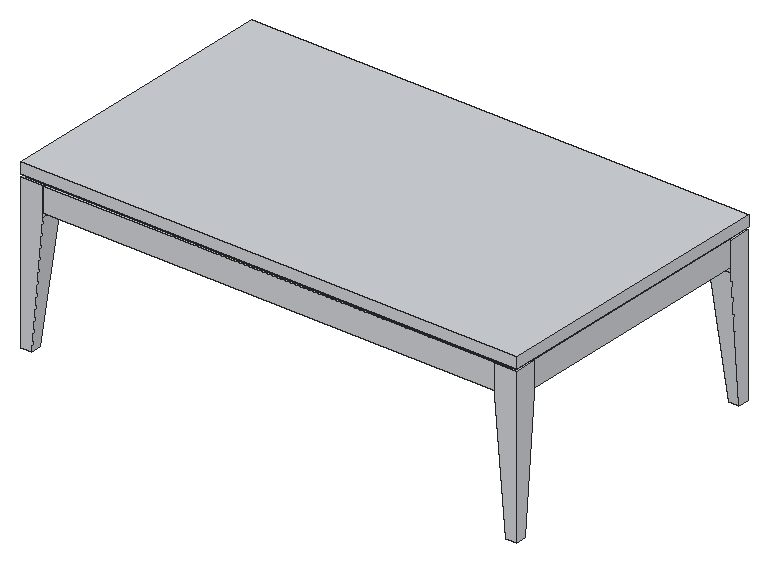
Revit family "1001 - Cindy Console Table - Tapered Legs", category Furniture, Revit 2020
Family settings
  OmniClass Number = 23.40.20.00
  OmniClass Title = General Furniture and Specialties
  Work Plane-Based = No
  Always vertical = Yes
  Cut with Voids When Loaded = No
  Shared = No
  Room Calculation Point = No
Parameters
  Default Elevation = 0 mm
Reference planes
  plane 1 "Center (Front/Back)": y = 0
  plane 2: z = 0
  plane 3 "Center (Left/Right)": x = 0
  plane 4: x = -600
  plane 5: x = 600
  plane 6: y = 350
  plane 7: y = -350
  plane 8: z = 300.003
  plane 9: z = 310.003
  plane 10: z = 370.003
  plane 11: z = 377.003
  plane 12: z = 403.003
  plane 13: x = -547.001
  plane 14: x = 547
  plane 15: x = -593
  plane 16: x = 593
  plane 17: y = 343
  plane 18: y = -343
  plane 19: y = -297
  plane 20: y = 297
  plane 21: y = -347
  plane 22: x = -597
  plane 23: x = -577
  plane 24: y = -327
Forms (mm)
  SweptBlend 1, solid
    path origin (0, 0, 0) x (1, 0, 0) y (0, 0, 1)
      loop
        line (-600, 0) -> (-600, 300.003)
    profile origin (-600, 0, 0) x (-1, 0, 0) y (0, -1, 0)
      loop
        line (-1, 349) -> (-25.999, 349) -> (-25.999, 324) -> (-1, 324) -> (-1, 349)
    end profile origin (-600, 0, 300.003) x (-1, 0, 0) y (0, -1, 0)
      loop
        line (-1, 349) -> (-52.999, 349) -> (-52.999, 297) -> (-1, 297) -> (-1, 349)
  Extrusion 2, solid
    sketch origin (0, -150, 0) x (1, 0, 0) y (0, 1, 0)
      loop
        line (-599, -199) -> (-547.001, -199) -> (-547.001, -147) -> (-599, -147) -> (-599, -199)
    from 300.003 to 370.003
  Extrusion 3, solid
    sketch origin (0, -150, 0) x (1, 0, 0) y (0, 1, 0)
      loop
        line (-547.001, -177) -> (-547.001, -197) -> (547, -197) -> (547, -177) -> (-547.001, -177)
    from 310.003 to 370.003
  Extrusion 4, solid
    sketch origin (0, 0, 0) x (1, 0, 0) y (0, 1, 0)
      loop
        line (-577, 297) -> (-597, 297) -> (-597, -297) -> (-577, -297) -> (-577, 297)
    from 310.003 to 370.003
  Extrusion 5, solid
    sketch origin (0, 0, 0) x (1, 0, 0) y (0, 1, 0)
      loop
        line (-593, -343) -> (593, -343) -> (593, 343) -> (-593, 343) -> (-593, -343)
    from 370.003 to 377.003
  Extrusion 6, solid
    sketch origin (0, 0, 0) x (1, 0, 0) y (0, 0, 1)
      loop
        line (-600, 403.003) -> (-600, 377.003) -> (600, 377.003) -> (600, 403.003) -> (-600, 403.003)
    from -350 to 350
  Extrusion 7, solid
    sketch origin (0, 0, 0) x (-1, 0, 0) y (0, -1, 0)
      loop
        line (-577, -297) -> (-577, 297) -> (-597, 297) -> (-597, -297) -> (-577, -297)
    from 310.003 to 370.003
  Extrusion 8, solid
    sketch origin (0, 150, 0) x (1, 0, 0) y (0, 1, 0)
      loop
        line (-547.001, 177) -> (547, 177) -> (547, 197) -> (-547.001, 197) -> (-547.001, 177)
    from 310.003 to 370.003
  SweptBlend 9, solid
    path origin (0, 0, 0) x (-1, 0, 0) y (0, 0, 1)
      loop
        line (-600, 0) -> (-600, 300.003)
    profile origin (600, 0, 0) x (-1, 0, 0) y (0, -1, 0)
      loop
        line (1, 349) -> (1, 324) -> (25.999, 324) -> (25.999, 349) -> (1, 349)
    end profile origin (600, 0, 300.003) x (-1, 0, 0) y (0, -1, 0)
      loop
        line (1, 349) -> (1, 297) -> (52.999, 297) -> (52.999, 349) -> (1, 349)
  Extrusion 10, solid
    sketch origin (0, -150, 0) x (-1, 0, 0) y (0, -1, 0)
      loop
        line (-599, 199) -> (-599, 147) -> (-547.001, 147) -> (-547.001, 199) -> (-599, 199)
    from 300.003 to 370.003
  SweptBlend 11, solid
    path origin (0, 0, 0) x (1, 0, 0) y (0, 0, -1)
      loop
        line (-600, 0) -> (-600, -300.003)
    profile origin (-600, 0, 0) x (1, 0, 0) y (0, 1, 0)
      loop
        line (1, 349) -> (1, 324) -> (25.999, 324) -> (25.999, 349) -> (1, 349)
    end profile origin (-600, 0, 300.003) x (1, 0, 0) y (0, 1, 0)
      loop
        line (1, 349) -> (1, 297) -> (52.999, 297) -> (52.999, 349) -> (1, 349)
  Extrusion 12, solid
    sketch origin (0, 150, 0) x (1, 0, 0) y (0, 1, 0)
      loop
        line (-599, 199) -> (-599, 147) -> (-547.001, 147) -> (-547.001, 199) -> (-599, 199)
    from 300.003 to 370.003
  SweptBlend 13, solid
    path origin (0, 0, 0) x (-1, 0, 0) y (0, 0, 1)
      loop
        line (-600, 0) -> (-600, 300.003)
    profile origin (600, 0, 0) x (1, 0, 0) y (0, 1, 0)
      loop
        line (-1, 349) -> (-25.999, 349) -> (-25.999, 324) -> (-1, 324) -> (-1, 349)
    end profile origin (600, 0, 300.003) x (1, 0, 0) y (0, 1, 0)
      loop
        line (-1, 349) -> (-52.999, 349) -> (-52.999, 297) -> (-1, 297) -> (-1, 349)
  Extrusion 14, solid
    sketch origin (0, 150, 0) x (-1, 0, 0) y (0, -1, 0)
      loop
        line (-599, -199) -> (-547.001, -199) -> (-547.001, -147) -> (-599, -147) -> (-599, -199)
    from 300.003 to 370.003
Cuts and joins
  joined: SweptBlend 1, Extrusion 2
  joined: SweptBlend 9, Extrusion 10
  joined: SweptBlend 13, Extrusion 14
  joined: SweptBlend 11, Extrusion 12
Dimensions and locks
  aligned and locked: level to plane 2
